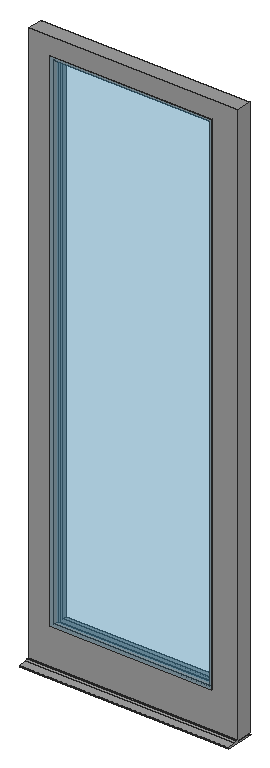
Revit family "AD-375 DOOR-1-SF_v04", category Curtain Panels, Revit 2015
Parameters
  Width [instance] = 3' - 2"
  URL = "obe.com"
  Rough Width [instance] = 3' - 0"
  Offset [instance] = 0' - 0"
  Model = "AD-375 DOOR"
  Min-Max Rough Width [instance] = if(and((Rough Width > 2' 11 255/256"), (Rough Width < 3' 6 1/256")), Rough Width, 3' 0")  # 3' - 0"
  Manufacturer = "Oldcastle BuildingEnvelope®"
  Keynote = "08 11 00"
  Hinge [instance] = yes
  Height [instance] = 8' - 0"
  Glass Material = Glass
  Frame Material = Aluminum
  Door Panel Height [instance] = Height + 0' 0 23/32"  # 8' - 0 23/32"
  Description = "AD-375 - 1\" Door Infill"
  Assembly Code = "B2030"
  Analytic Construction = "<None>"
  6 Bottom Rail [instance] = yes
  10 Bottom Rail [instance] = not([6 Bottom Rail])  # no
Reference planes (in)
  plane 1 "Front": y = 0
  plane 2: z = 0
  plane 3 "Center (Left/Right)": x = 0
  plane 4 "Left": x = -19
  plane 5 "Right": x = 19
  plane 6 "Top": z = 96
  plane 7: x = -18
  plane 8: x = 18
Text (in)
  text "Exterior" at (-54.29358, 31.38743, 0), in view "Ref. Level"
  text "Exterior" at (480, 41.53993, 89.60405), in view "Right"
  text "Exterior" at (-240, 57.82419, 105.78864), in view "Left"
Dimensions and locks (in)
  equal spacing: plane 4 "Left", plane 3 "Center (Left/Right)", plane 5 "Right"
  "Width": plane 4 "Left" to plane 5 "Right"
  "Height": plane 6 "Top" to plane 2
  equal spacing: plane 7, plane 3 "Center (Left/Right)", plane 8
  "Min-Max Rough Width": plane 7 to plane 8
  aligned and locked: level to plane 2
  aligned and locked: plane 3 "Center (Left/Right)" to nested 1
  aligned and locked: plane 1 "Front" to nested 1
Nested families (in)
  nested 1: "AD-375 DOOR-1-Panel_v03" at (0, -22, 0), Frame Material <- "Frame Material", Glass Material <- "Glass Material", Hinge <- "Hinge", Height <- "Door Panel Height", Width <- "Min-Max Rough Width", 6 Bottom Rail <- "6 Bottom Rail", Offset <- "Offset", type "AD-375 DOOR-1-Panel"
    with built-in parameter 1001301 3' - 0", Offset 0' - 0", Hinge yes, built-in parameter 1001300 8' - 0 23/32", Glass Material Glass, Frame Material Aluminum, Bottom Rail 0' - 6 19/32", 6 Bottom Rail yes, 10 Bottom Rail no
Definition of nested family "AD-375 DOOR-1-Panel_v03"
  Parameters (values of type "AD-375 DOOR-1-Panel")
    Width [instance] = 3' - 0"
    Offset [instance] = 0' - 1"
    Hinge [instance] = yes
    Height [instance] = 8' - 0"
    Glass Material [instance] = none
    Frame Material [instance] = none
    Bottom Rail [instance] = if([10 Bottom Rail], 0' 10 19/32", 0' 6 19/32")  # 0' - 6 19/32"
    6 Bottom Rail [instance] = yes
    10 Bottom Rail [instance] = not([6 Bottom Rail])  # no
  Reference planes (in)
    plane 1 "00": y = 19.5563
    plane 2: z = 0
    plane 3 "Center (Left/Right)": x = 0
    plane 4: z = 96
    plane 5: x = -18
    plane 6: x = 18
    plane 7 "Center (Front/Back)": y = 22
    plane 8 "Exterior": y = 20.0563
    plane 9: z = 48
    plane 10: z = 92.46875
    plane 11: z = 6.59375
    plane 12: x = -13.84147
    plane 13: y = 21
  Forms (in)
    Sweep 1, solid, material <- "Frame Material"
      path origin (0, 19.5563, 0) x (1, 0, 0) y (0, 0, 1)
        loop
          line (-17.6875, 96) -> (17.6875, 96)
      profile origin (0, 19.5563, 96) x (0, 0, 1) y (0, -1, 0)
        loop
          line (-0.71875, -1.2884) -> (-0.71875, 1.3187) -> (-3.96875, 1.3187) -> (-3.96875, 0.5) -> (-3.53125, 0.5) -> (-3.53125, -0.5) -> (-3.96875, -0.5) -> (-3.96875, -1.2884) -> (-0.71875, -1.2884)
    Sweep 2, solid, material <- "Frame Material"
      path origin (0, 19.5563, 0) x (1, 0, 0) y (0, 0, 1)
        loop
          line (17.6875, 0) -> (-17.6875, 0)
      profile origin (0, 19.5563, 0) x (0, 0, -1) y (0, -1, 0)
        loop
          line (-7.125, -0.5) -> (-7.125, -1.2884) -> (-0.375, -1.2884) -> (-0.375, 1.3187) -> (-0.256, 1.3187) -> (-0.256, -0.69426) -> (-0.1048, -1.44415) -> (0, -1.44415) -> (0, 3.05585) -> (-0.09458, 3.05585) -> (-0.256, 1.86985) -> (-0.506, 1.73385) -> (-0.506, 1.3187) -> (-7.125, 1.3187) -> (-7.125, 0.5) -> (-6.59375, 0.5) -> (-6.59375, -0.5) -> (-7.125, -0.5)
    Sweep 3, solid, material <- "Frame Material"
      path origin (0, 19.5563, 0) x (1, 0, 0) y (0, 0, 1)
        loop
          line (18, 95.28125) -> (18, 0.375)
      profile origin (18, 19.5563, 47.82813) x (0, -1, 0) y (1, 0, 0)
        loop
          line (1.3187, -4.90853) -> (1.3187, -0.3125) -> (-1.35373, -0.3125) -> (-1.35373, -0.4225) -> (-1.2884, -0.4225) -> (-1.2884, -4.90853) -> (-0.5, -4.90853) -> (-0.5, -4.47103) -> (0.5, -4.47103) -> (0.5, -4.90853) -> (1.3187, -4.90853)
    Sweep 4, solid, material <- "Frame Material"
      path origin (0, 19.5563, 0) x (1, 0, 0) y (0, 0, 1)
        loop
          line (-18, 95.28125) -> (-18, 0.375)
      profile origin (-18, 19.5563, 47.82813) x (0, -1, 0) y (1, 0, 0)
        loop
          line (-1.2884, 0.4225) -> (-1.35373, 0.4225) -> (-1.35373, 0.3125) -> (1.3187, 0.3125) -> (1.3187, 4.6055) -> (0.5, 4.6055) -> (0.5, 4.168) -> (-0.5, 4.168) -> (-0.5, 4.6055) -> (-1.2884, 4.6055) -> (-1.2884, 0.4225)
    Extrusion 5, solid, material <- "Glass Material", detail levels coarse
      sketch origin (0, 0, 0) x (1, 0, 0) y (0, 1, 0)
        loop
          line (-13.84147, 20.0563) -> (-13.84147, 19.0563) -> (13.52897, 19.0563) -> (13.52897, 20.0563) -> (-13.84147, 20.0563)
      from 6.59375 to 92.46875
    Extrusion 6, solid, material <- "Glass Material", detail levels medium+fine
      sketch origin (0, 0, 0) x (1, 0, 0) y (0, 1, 0)
        loop
          line (-13.84147, 19.0563) -> (13.52897, 19.0563) -> (13.52897, 19.3043) -> (-13.84147, 19.3043) -> (-13.84147, 19.0563)
        loop
          line (13.52897, 20.0563) -> (-13.84147, 20.0563) -> (-13.84147, 19.8083) -> (13.52897, 19.8083) -> (13.52897, 20.0563)
      from 6.59375 to 92.46875
  Cuts and joins
    joined: Sweep 1, Sweep 2, Sweep 3, Sweep 4
  Lines and regions (in)
    model lines
      curve 1: line (13.52897, 20.0563, 92.46875) -> (-13.40397, 20.0563, 48)
      curve 2: line (-13.40397, 20.0563, 48) -> (13.52897, 20.0563, 6.59375)
  Dimensions and locks (in)
    equal spacing: plane 5, plane 3 "Center (Left/Right)", plane 6
    "Offset": plane 13 to plane 7 "Center (Front/Back)"
    plane 1 "00" to plane 8 "Exterior" to plane 13 = 0' - 0 1/2" locked, 0' - 0.9437"
    equal spacing: level, plane 9, plane 4
    locked: Sweep 3 sketch curve to plane 4 at 0.71875
    locked: Sweep 4 sketch curve to plane 4 at 0.71875
    Extrusion 6 sketch curve to Extrusion 6 sketch curve to Extrusion 6 sketch curve to Extrusion 6 sketch curve = 0' - 0.248", 0' - 0.504", 0' - 0.248" locked
    Extrusion 5 sketch curve to plane 1 "00" to Extrusion 5 sketch curve = 0' - 0 1/2" locked, 0' - 0 1/2" locked
    locked: plane 10 to plane 4 at 3.53125
    "Bottom Rail": plane 11 to plane 2
    "Height": plane 4 to plane 2
    Sweep 1 sketch curve to plane 10 = 0' - 0 7/16"  (x2)
    locked: plane 11 to Sweep 2 sketch curve at 0.53125  (x2)
    "Width": plane 5 to plane 6
    locked: plane 5 to plane 12 at 4.15853
    locked: plane 6 to Sweep 2 sketch curve at 0.3125
    locked: Sweep 2 sketch curve to plane 5 at 0.3125
    locked: plane 6 to Sweep 1 sketch curve at 0.3125
    locked: Sweep 1 sketch curve to plane 5 at 0.3125
    locked: plane 2 to Sweep 3 sketch curve at 0.375
    locked: plane 2 to Sweep 4 sketch curve at 0.375
    aligned and locked: plane 2 to level
    aligned and locked: Sweep 1 sketch curve to plane 4
    aligned and locked: Sweep 2 sketch curve to level
    aligned and locked: Extrusion 6 to plane 10
    aligned and locked: Extrusion 5 to plane 10
    aligned and locked: plane 9 to curve 1
    aligned and locked: plane 11 to Extrusion 6
    aligned and locked: Sweep 3 sketch curve to plane 6
    aligned and locked: Sweep 4 sketch curve to plane 5
    aligned and locked: Extrusion 5 to plane 12
    aligned and locked: Extrusion 6 to plane 12  (x2)
    aligned and locked: plane 11 to curve 2
    aligned and locked: cut or joined group of Sweep 1, Sweep 2, Sweep 3, Sweep 4 to curve 1
    aligned and locked: plane 11 to Extrusion 5
    aligned and locked: Extrusion 6 sketch curve to plane 12  (x2)
    aligned and locked: Extrusion 5 sketch curve to plane 12
  Automatic sketch dimensions
    Sweep 4 sketch curve to plane 1 "00" = 0' - 1.35373"
    Sweep 4 sketch curve to Sweep 4 sketch curve = 0' - 0.06533"
    Sweep 4 sketch curve to plane 1 "00" = 0' - 0 1/2"
    plane 1 "00" to Sweep 4 sketch curve = 0' - 0 1/2"
    Sweep 4 sketch curve to Sweep 4 sketch curve = 0' - 0.8187"
    Sweep 4 sketch curve to profile plane = 0' - 0 5/16"
    Sweep 4 sketch curve to Sweep 4 sketch curve = 0' - 0.11"
    Sweep 4 sketch curve to Sweep 4 sketch curve = 0' - 3.8555"
    Sweep 4 sketch curve to Sweep 4 sketch curve = 0' - 0 7/16"  (x2)
    Sweep 3 sketch curve to plane 1 "00" = 0' - 1.35373"
    Sweep 3 sketch curve to Sweep 3 sketch curve = 0' - 0.06533"
    Sweep 3 sketch curve to plane 1 "00" = 0' - 0 1/2"
    plane 1 "00" to Sweep 3 sketch curve = 0' - 0 1/2"
    Sweep 3 sketch curve to Sweep 3 sketch curve = 0' - 0.8187"
    profile plane to Sweep 3 sketch curve = 0' - 4.90853"
    Sweep 3 sketch curve to Sweep 3 sketch curve = 0' - 0"
    Sweep 3 sketch curve to Sweep 3 sketch curve = 0' - 0 7/16"
    profile plane to Sweep 3 sketch curve = 0' - 0.4225"
    Sweep 3 sketch curve to Sweep 3 sketch curve = 0' - 0.11"
    Sweep 2 sketch curve to profile plane = 0' - 0"
    Sweep 2 sketch curve to Sweep 2 sketch curve = 0' - 0 17/32"
    profile plane to Sweep 2 sketch curve = 0' - 0.256"
    Sweep 2 sketch curve to plane 1 "00" = 0' - 1.2884"
    Sweep 2 sketch curve to plane 1 "00" = 0' - 0 1/2"
    plane 1 "00" to Sweep 2 sketch curve = 0' - 0 1/2"
    Sweep 2 sketch curve to Sweep 2 sketch curve = 0' - 0.8187"
    Sweep 2 sketch curve to Sweep 2 sketch curve = 0' - 0.41515"
    Sweep 2 sketch curve to Sweep 2 sketch curve = 0' - 0.136"
    Sweep 2 sketch curve to Sweep 2 sketch curve = 0' - 1.186"
    profile plane to Sweep 2 sketch curve = 0' - 0.09458"
    profile plane to Sweep 2 sketch curve = 0' - 0.1048"
    Sweep 2 sketch curve to Sweep 2 sketch curve = 0' - 0.15575"
    Sweep 1 sketch curve to Sweep 1 sketch curve = 0' - 0 7/16"
    profile plane to Sweep 1 sketch curve = 0' - 0 23/32"
    Sweep 1 sketch curve to plane 1 "00" = 0' - 1.2884"
    Sweep 1 sketch curve to plane 1 "00" = 0' - 0 1/2"
    plane 1 "00" to Sweep 1 sketch curve = 0' - 0 1/2"
    Sweep 1 sketch curve to Sweep 1 sketch curve = 0' - 0.8187"
    Extrusion 5 sketch curve to plane 6 = 0' - 4.47103"
    Extrusion 6 sketch curve to plane 6 = 0' - 4.47103"
    Extrusion 6 sketch curve to Extrusion 6 sketch curve = 0' - 0"
    curve 1 to plane 10 = 0' - 0"
    plane 12 to curve 2 = 0' - 0 7/16"
    curve 2 to plane 6 = 0' - 4.47103"
    Sweep 2 sketch curve to Sweep 2 sketch curve = 0' - 0 1/4"  (x2)
    Sweep 2 sketch curve to Sweep 2 sketch curve = 0' - 0.119"
    Sweep 2 sketch curve to Sweep 2 sketch curve = 0' - 0"
    Sweep 2 sketch curve to Sweep 2 sketch curve = 0' - 0.59414"
